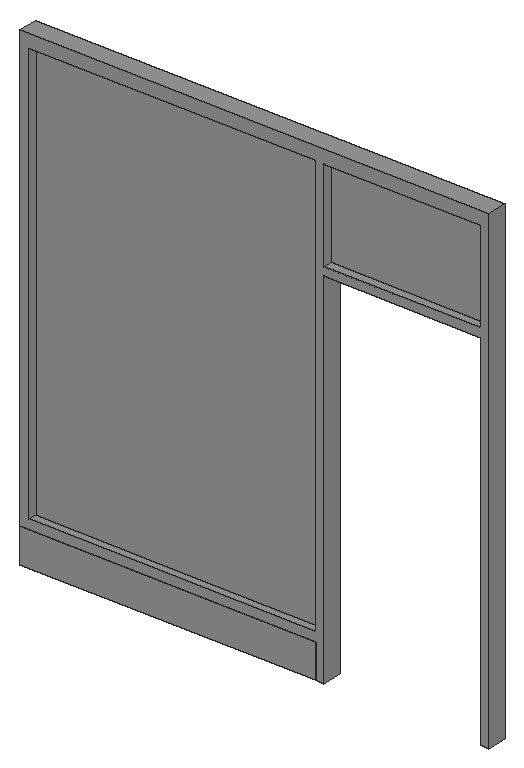
Revit family "Window W4", category Windows, host Wall, Revit 2025
Family settings
  Host = Wall
  OmniClass Number = 23.30.20.00
  OmniClass Title = Windows
  Always vertical = Yes
  Cut with Voids When Loaded = No
  Shared = No
  Room Calculation Point = No
Parameters (values of type "W4")
  Height = 48"
  Glass Width = 0.5"
  Glass Material = Glass, Clear Glazing, Tempered
  Frame Size = 2"
  Frame Material = Laminate, Black
  Define Thermal Properties by = Schematic Type
  Default Sill Height = 36"
  Wall Closure = By host
  Width = 4.5"
  Analytic Construction = "<None>"
Reference planes (in)
  plane 1 "Center (Front/Back)": y = 0
  plane 2: z = 0
  plane 3 "Center (Left/Right)": x = 0
  plane 4 "Sill": z = 36
  plane 5: y = 2.25
  plane 6: y = -2.25
  plane 7: y = 0.25
  plane 8: y = -0.25
Forms (in)
  Extrusion 1, solid, material "Laminate, Black" <- "Frame Material"
    sketch origin (0, 0, 0) x (1, 0, 0) y (0, 0, 1)
      loop
        line (39, 146.20957) -> (-69, 146.20957) -> (-69, 44) -> (-1, 44) -> (-1, 36) -> (1, 36) -> (1, 120) -> (37, 120) -> (37, 36) -> (39, 36) -> (39, 146.20957)
      loop
        line (-1, 143.20957) -> (-67, 143.20957) -> (-67, 46) -> (-1, 46) -> (-1, 143.20957)
      loop
        line (37, 143.20957) -> (1, 143.20957) -> (1, 122) -> (37, 122) -> (37, 143.20957)
    from -2.25 to 2.25
  Extrusion 2, solid, material "Glass, Clear Glazing, Tempered" <- "Glass Material"
    sketch origin (0, 0, 0) x (1, 0, 0) y (0, 0, 1)
      loop
        line (-1, 143.20957) -> (-67, 143.20957) -> (-67, 46) -> (-1, 46) -> (-1, 143.20957)
      loop
        line (37, 143.20957) -> (1, 143.20957) -> (1, 122) -> (37, 122) -> (37, 143.20957)
    from -0.25 to 0.25
  Extrusion 3, solid, material "Laminate, Black" <- "Frame Material"
    sketch origin (0, 0, 0) x (1, 0, 0) y (0, 0, 1)
      loop
        line (-1, 44) -> (-69, 44) -> (-69, 36) -> (-1, 36) -> (-1, 44)
    from -2.25 to 2.25
Lines and regions (in)
  Opening 1
    outline origin (-60, -7, 0) x (1, 0, 0) y (0, 0, 1)
      loop
        line (99, 36) -> (99, 146.20957) -> (-9, 146.20957) -> (-9, 36) -> (61, 36) -> (61, 120) -> (97, 120) -> (97, 36) -> (99, 36)
Text (in)
  text "EXTERIOR" at (-58.6888, 50.90694, 0), in view "Ref. Level"
  text "INTERIOR" at (-58.6888, -37.76638, 0), in view "Ref. Level"
  text "Exterior" at (0, 43.65631, 123.19604), in view "Left"
  text "Exterior" at (0, 18.29385, 125.04747), in view "Right"
Dimensions and locks (in)
  "Default Sill Height": plane 2 to plane 4 "Sill"
  equal spacing: Extrusion 1 sketch curve, plane 3 "Center (Left/Right)", Extrusion 1 sketch curve
  "Frame Size": Extrusion 1 sketch curve to Extrusion 1 sketch curve  (x5)
  Extrusion 1 sketch curve to Extrusion 1 sketch curve = 66"
  Extrusion 1 sketch curve to Extrusion 1 sketch curve = 36"
  plane 4 "Sill" to Extrusion 1 sketch curve = 84"
  plane 4 "Sill" to Extrusion 1 sketch curve = 8"
  Extrusion 1 sketch curve to Extrusion 1 sketch curve = 3"  (x2)
  equal spacing: plane 5, plane 1 "Center (Front/Back)", plane 6
  "Width": plane 5 to plane 6
  equal spacing: plane 7, plane 1 "Center (Front/Back)", plane 8
  "Glass Width": plane 7 to plane 8
  aligned and locked: level to plane 2
  aligned and locked: Extrusion 1 sketch curve to Extrusion 1 sketch curve
  aligned and locked: plane 5 to Extrusion 1
  aligned and locked: Extrusion 1 to plane 6
  aligned and locked: Extrusion 1 to Extrusion 2 sketch curve  (x4)
  aligned and locked: Extrusion 2 sketch curve to Extrusion 1  (x4)
  aligned and locked: Extrusion 2 to plane 8
  aligned and locked: Extrusion 2 to plane 7
  aligned and locked: plane 5 to Extrusion 3
  aligned and locked: Extrusion 3 to plane 6
Automatic sketch dimensions
  Extrusion 3 sketch curve to plane 4 "Sill" = 0"
  Extrusion 3 sketch curve to plane 4 "Sill" = 8"
  Extrusion 3 sketch curve to plane 3 "Center (Left/Right)" = 69"
  Extrusion 3 sketch curve to plane 3 "Center (Left/Right)" = 1"
  Extrusion 1 sketch curve to plane 4 "Sill" = 0"  (x2)
  Extrusion 1 sketch curve to plane 3 "Center (Left/Right)" = 1"
  Extrusion 1 sketch curve to Extrusion 1 sketch curve = 2"
  Extrusion 1 sketch curve to Extrusion 1 sketch curve = 21.20957"
  Opening 1 sketch curve to plane 4 "Sill" = 0"  (x2)
  plane 3 "Center (Left/Right)" to Opening 1 sketch curve = 39"
  Opening 1 sketch curve to plane 4 "Sill" = 110.20957"
  Opening 1 sketch curve to plane 3 "Center (Left/Right)" = 69"
  Opening 1 sketch curve to Opening 1 sketch curve = 26.20957"
  plane 3 "Center (Left/Right)" to Opening 1 sketch curve = 1"
  Opening 1 sketch curve to Opening 1 sketch curve = 2"
